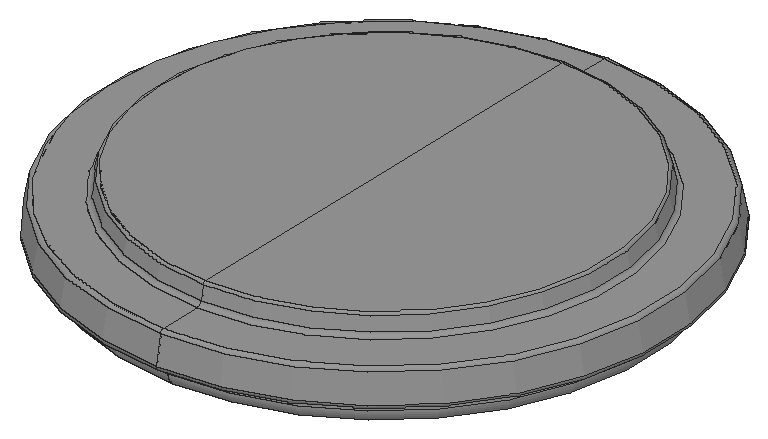
Revit family "FMK12_63_UN_Surface-mounted_ETK", category Lighting Fixtures, Revit 2017 (continued)
Definition of nested family "FMK.1 - Lightsource"
  Types (13, lengths in mm): name | Wattage Comments | Photometric Web File | built-in parameter 1150142 | Apparent Load
      3511\t396.567\t393.4076\t389.4614\t385.2324\t380.3628\r\n375.0971\t369.3074\t362.9584\t356.0822\t348.9057\t341.5547\t333.4658\t324.7233\t315.2043\t305.4599\r\n295.3979\t285.0138\t274.2949\t263.3441\t252.1436\t240.673\t229.1092\t216.7556\t203.6489\t190.6285\r\n177.6172\t164.6138\t151.9279\t138.069\t124.3573\t110.9691\t98.0454\t84.9215\t72.6465\t61.0698\r\n50.4112\t40.6936\t35.2704\t0\t0\t0\r\n405.3384\t404.7358\t403.6054\t401.6444\t399.3643\t396.5593\t393.314\t389.4309\t385.2102\t380.3495\r\n375.0755\t369.3024\t362.9627\t356.1346\t348.8119\t341.1533\t333.0509\t324.8191\t315.78\t306.215\r\n295.8199\t285.344\t274.4807\t263.3654\t252.0105\t240.3294\t228.4188\t216.2955\t204.1547\t190.9552\r\n177.6559\t164.3516\t151.1392\t138.0976\t124.9346\t111.112\t97.7813\t85.0908\t72.4995\t60.8236\r\n50.1998\t40.6227\t31.9768\t0\t0\t0\r\n405.3384\t404.7394\t403.6288\t401.6757\t399.3884\t396.5714\t393.3026\t389.3159\t385.1739\t380.3831\r\n375.0444\t369.2837\t362.956\t356.1295\t348.8706\t341.18\t332.9079\t324.3902\t315.4019\t306.3387\r\n296.4924\t286.1092\t274.9998\t263.7539\t252.2169\t240.3569\t228.2903\t215.9582\t203.4707\t190.8257\r\n178.1521\t164.6391\t151.0517\t137.6572\t124.4578\t111.6543\t98.0732\t84.9738\t72.5741\t60.6864\r\n50.0183\t40.4977\t31.9697\t4.8432\t0\t0\r\n405.3384\t404.7427\t403.6495\t401.7142\t399.4239\t396.6035\t393.3116\t389.2988\t385.0507\t380.3528\r\n375.0118\t369.216\t362.9424\t356.1024\t348.8405\t341.157\t332.9643\t324.4004\t315.2581\t305.8867\r\n296.1029\t285.938\t275.5954\t264.5683\t253.012\t240.8416\t228.6197\t216.12\t203.4137\t190.5511\r\n177.5394\t164.5113\t151.5042\t137.8415\t124.2858\t111.0124\t98.1587\t85.3964\t72.5721\t60.6586\r\n49.8431\t40.3398\t31.931\t24.5537\t0\t0\r\n405.3384\t404.7456\t403.6676\t401.9218\t399.4709\t396.6554\t393.3437\t389.317\t385.04\t380.243\r\n374.8993\t369.1788\t362.9127\t356.0814\t348.8285\t341.0552\t332.9667\t324.3861\t315.3329\t305.9127\r\n296.0531\t285.7481\t275.1336\t264.1996\t252.9355\t241.4903\t229.4495\t216.9446\t203.9312\t190.8555\r\n177.6361\t164.3347\t151.0106\t137.654\t124.597\t111.2218\t97.8665\t85.0744\t72.9905\t60.8587\r\n49.815\t40.1794\t31.9054\t24.5054\t0\t0\r\n405.3384\t404.7481\t403.6828\t401.9564\t399.6914\t396.7268\t393.4009\t389.3708\t385.0755\t380.2591\r\n374.9017\t369.0922\t362.8034\t355.9918\t348.805\t341.0277\t332.9542\t324.3714\t315.323\t305.9089\r\n296.0316\t285.7934\t275.1661\t264.1403\t252.8273\t241.0499\t229.0201\t216.7244\t204.2369\t191.596\r\n178.5079\t164.9396\t151.3939\t137.7973\t124.3337\t110.9506\t97.9162\t85.2011\t72.5165\t60.7879\r\n50.1751\t40.1846\t31.8501\t23.7681\t2.338\t0\r\n405.3384\t404.7502\t403.6952\t401.9835\t399.7343\t396.9809\t393.6545\t389.6213\t385.1579\t380.3298\r\n374.9735\t369.1608\t362.846\t356.0361\t348.7566\t340.9866\t332.8783\t324.3112\t315.2718\t305.9036\r\n296.0215\t285.8004\t275.1776\t264.1337\t252.8169\t241.0716\t228.9767\t216.6471\t204.0279\t191.1324\r\n178.1226\t164.8871\t151.6027\t138.2841\t125.113\t111.6596\t98.1698\t85.1028\t72.5249\t60.7088\r\n49.8427\t40.2477\t31.8931\t21.6048\t12.7168\t0\r\n405.3384\t404.7519\t403.7047\t402.0029\t399.7635\t397.03\t393.713\t389.7065\t385.4214\t380.5969\r\n375.2629\t369.475\t363.1447\t356.3663\t348.9144\t341.1566\t333.0078\t324.4526\t315.4033\t305.9527\r\n296.0665\t285.8226\t275.1844\t264.1482\t252.8009\t241.0835\t228.992\t216.6758\t204.0446\t191.1483\r\n178.0991\t164.8272\t151.446\t137.9974\t124.5467\t111.2577\t98.1105\t85.2503\t72.8411\t61.1518\r\n50.0901\t40.257\t31.8235\t18.932\t9.3489\t0\r\n405.3384\t404.7532\t403.7114\t402.0142\t399.7786\t397.0514\t393.739\t389.7475\t385.4637\t380.6413\r\n375.3272\t369.5568\t363.2361\t356.4824\t349.2137\t341.4886\t333.3185\t324.7975\t315.7614\t306.3155\r\n296.46\t286.2066\t275.5669\t264.5527\t253.1872\t241.5059\t229.4265\t217.1363\t204.5303\t191.6199\r\n178.5573\t165.3425\t151.9521\t138.4682\t125.0895\t111.6993\t98.5664\t85.5623\t73.0265\t61.1343\r\n50.1318\t40.4051\t31.9542\t21.7475\t6.5313\t5.115\r\n405.3384\t404.754\t403.7153\t402.0176\t399.7799\t397.0445\t393.7329\t389.7445\t385.4448\t380.6084\r\n375.2927\t369.5081\t363.1813\t356.4003\t348.9923\t341.2089\t333.0605\t324.4816\t315.4612\t305.9997\r\n296.1643\t285.8652\t275.2287\t264.2095\t252.8526\t241.1526\t229.101\t216.7417\t204.1781\t191.2242\r\n178.2221\t164.9153\t151.5534\t138.1498\t124.6539\t111.3162\t98.1603\t85.2342\t72.8561\t61.1128\r\n50.0588\t40.2091\t31.6937\t20.0166\t8.2012\t0\r\n405.3384\t404.7543\t403.7164\t402.013\t399.7671\t397.0096\t393.6945\t389.6977\t385.2046\t380.352\r\n375.0326\t369.2271\t362.9198\t356.1028\t348.9072\t341.0925\t332.98\t324.3798\t315.392\t305.9858\r\n296.2178\t285.8843\t275.26\t264.2624\t252.9154\t241.2093\t229.1994\t216.7906\t204.2527\t191.2919\r\n178.3227\t165.0516\t151.7425\t138.4595\t125.2028\t111.7417\t98.2552\t85.1615\t72.5973\t60.695\r\n49.8045\t40.1873\t31.7885\t21.7366\t11.2598\t0\r\n405.3384\t404.7542\t403.7146\t402.0006\t399.7406\t396.7678\t393.4611\t389.4878\t385.1447\t380.2959\r\n374.9894\t369.1909\t362.9156\t356.0932\t349.0203\t341.1855\t333.0998\t324.4896\t315.505\t306.0503\r\n296.2967\t285.9572\t275.331\t264.3672\t253.0197\t241.2839\t229.3045\t217.0032\t204.5011\t191.8693\r\n178.7706\t165.2052\t151.6675\t138.0714\t124.5282\t111.1465\t98.0318\t85.3325\t72.6503\t60.8256\r\n50.1888\t40.1684\t31.7403\t23.8387\t2.1341\t0\r\n405.3384\t404.7538\t403.7099\t401.9802\t399.5366\t396.7102\t393.425\t389.473\t385.1305\t380.2987\r\n375.0145\t369.3042\t363.0627\t356.2162\t349.106\t341.2551\t333.1682\t324.5601\t315.5632\t306.141\r\n296.3633\t286.0264\t275.4542\t264.555\t253.2624\t241.8449\t229.7806\t217.3072\t204.2808\t191.2288\r\n177.9866\t164.6878\t151.3619\t138.0114\t124.8764\t111.4955\t98.1121\t85.3017\t73.1816\t61.0006\r\n49.9354\t40.2492\t31.8581\t24.0616\t0\t0\r\n405.3384\t404.7529\t403.7024\t401.7855\t399.5057\t396.672\t393.4155\t389.4941\t385.1611\t380.4304\r\n375.1514\t369.3736\t363.1395\t356.2714\t349.1759\t341.3116\t333.2219\t324.6532\t315.5562\t306.2275\r\n296.4426\t286.3163\t276.0481\t265.0023\t253.4229\t241.2876\t229.0238\t216.5536\t203.8543\t191.005\r\n177.9846\t164.9422\t151.916\t138.291\t124.7136\t111.4068\t98.5597\t85.7613\t72.9154\t60.9832\r\n50.0561\t40.469\t32.0115\t24.4608\t0\t0\r\n405.3384\t404.7516\t403.6921\t401.7609\t399.4864\t396.6542\t393.4316\t389.5502\t385.2972\t380.4985\r\n375.2108\t369.4721\t363.1917\t356.3183\t349.193\t341.3957\t333.2365\t324.7362\t315.7989\t306.7788\r\n296.9084\t286.5675\t275.5271\t264.2722\t252.7027\t240.881\t228.7997\t216.5107\t204.0057\t191.4\r\n178.6746\t165.1736\t151.62\t138.2129\t125.0328\t112.2055\t98.6188\t85.54\t73.0956\t61.0986\r\n50.3019\t40.733\t32.2345\t4.8967\t0\t0\r\n405.3384\t404.75\t403.6788\t401.7433\t399.4783\t396.6572\t393.4722\t389.7044\t385.3553\t380.5675\r\n375.2574\t369.5435\t363.2413\t356.3845\t349.1744\t341.4877\t333.4438\t325.2596\t316.2784\t306.7217\r\n296.3214\t285.8791\t275.0611\t263.9604\t252.5538\t240.9175\t229.0191\t216.9459\t204.7661\t191.62\r\n178.311\t165.0395\t151.8279\t138.8308\t125.6546\t111.8365\t98.5513\t85.8398\t73.1455\t61.3695\r\n50.6583\t41.0273\t32.3467\t0\t0\t0\r\n405.3384\t404.7481\t403.4984\t401.7323\t399.4809\t396.6816\t393.6002\t389.7628\t385.3879\t380.6249\r\n375.3103\t369.6017\t363.2788\t356.4193\t349.3183\t342.0005\t333.9181\t325.234\t315.723\t306.0027\r\n295.9581\t285.6313\t274.9371\t264.0009\t252.7885\t241.3531\t229.8173\t217.4635\t204.4063\t191.4145\r\n178.427\t165.4423\t152.7479\t138.9494\t125.2565\t111.8804\t98.9846\t85.7966\t73.4077\t61.7586\r\n51.0678\t41.3029\t35.9314\t0\t0\t0\r\n405.3384\t404.7459\t403.4868\t401.7275\t399.4939\t396.8049\t393.6964\t389.8271\t385.4477\t380.6827\r\n375.3624\t369.5737\t363.2853\t356.625\t349.7894\t342.1135\t333.759\t324.599\t315.3556\t305.743\r\n295.8442\t285.6417\t275.1541\t264.3786\t253.3631\t242.055\t229.5599\t217.0052\t204.3824\t191.6906\r\n178.9998\t166.3228\t152.4157\t138.7896\t125.4113\t112.3666\t98.8823\t86.0884\t73.8385\t62.2076\r\n51.4507\t41.5049\t9.2672\t0\t0\t0\r\n405.3384\t404.7435\t403.478\t401.7288\t399.5168\t396.8915\t393.7354\t389.8846\t385.51\t380.7375\r\n375.3452\t369.6573\t363.4574\t357.1354\t349.7768\t341.6159\t333.1585\t324.3199\t315.1808\t305.7265\r\n295.9778\t285.8984\t275.6341\t265.1894\t253.7973\t241.5638\t229.4041\t217.1091\t204.7446\t192.3795\r\n179.7114\t165.8581\t152.3268\t139.0102\t125.9366\t112.2715\t99.1358\t86.5458\t74.2047\t62.612\r\n51.7507\t41.5902\t0\t0\t0\t0\r\n405.3384\t404.741\t403.4718\t401.7355\t399.6011\t396.9432\t393.7681\t389.932\t385.5756\t380.7897\r\n375.443\t369.7964\t363.9098\t357.1325\t349.266\t341.3026\t332.9179\t324.2017\t315.1981\t305.9037\r\n296.2962\t286.4176\t276.3927\t264.9598\t253.3075\t241.5117\t229.5688\t217.5503\t205.6807\t192.889\r\n179.2192\t165.8323\t152.6025\t139.6031\t125.8415\t112.4783\t99.6521\t86.8233\t74.5452\t62.9366\r\n51.9651\t45.2945\t0\t0\t0\t0\r\n405.3384\t404.7384\t403.468\t401.7035\t399.6374\t396.995\t393.7953\t389.976\t385.6432\t380.7904\r\n375.5949\t370.2269\t363.9316\t356.6257\t349.0084\t341.1154\t332.8331\t324.2647\t315.4008\t306.248\r\n296.8025\t287.1037\t276.0069\t264.7758\t253.2929\t241.7441\t230.0366\t218.4803\t205.6712\t192.4158\r\n179.2213\t166.1495\t153.2387\t139.4918\t125.9849\t112.9057\t99.9291\t87.1192\t74.8871\t63.2173\r\n52.1109\t27.9746\t0\t0\t0\t0\r\n405.3384\t404.7356\t403.4661\t401.721\t399.6762\t397.0462\t393.8176\t390.0145\t385.6532\t380.9042\r\n376.0431\t370.2884\t363.5098\t356.3413\t348.8597\t341.046\t332.9079\t324.5096\t315.7699\t306.7777\r\n297.4737\t286.6989\t275.8167\t264.7874\t253.5532\t242.2253\t231.0102\t218.411\t205.3993\t192.4497\r\n179.5316\t166.8\t153.159\t139.579\t126.3414\t113.3926\t100.1751\t87.4289\t75.1955\t63.4659\r\n52.2017\t0\t0\t0\t0\t0\r\n405.3384\t404.733\t403.4662\t401.7455\t399.7183\t397.0964\t393.8361\t390.0426\t385.7336\t381.0623\r\n376.1774\t370.1947\t363.2695\t356.1775\t348.8218\t341.077\t333.1051\t324.8433\t316.2831\t307.407\r\n297.0552\t286.507\t275.8559\t265.0142\t254.068\t243.1527\t230.9509\t218.1938\t205.4481\t192.7251\r\n180.2403\t166.8035\t153.224\t139.9046\t126.9133\t113.5219\t100.4126\t87.721\t75.5131\t63.7099\r\n57.0316\t0\t0\t0\t0\t0\r\n405.3384\t404.5716\t403.4386\t401.8549\t399.7644\t397.1477\t393.8153\t390.002\t385.8374\t381.4986\r\n376.1612\t369.7301\t363.0994\t356.1235\t348.8626\t341.2479\t333.4258\t325.2712\t316.9727\t307.0391\r\n296.8833\t286.5553\t276.0726\t265.4683\t254.9632\t243.4246\t230.701\t218.2156\t205.734\t193.2729\r\n180.506\t166.8251\t153.4668\t140.3769\t127.1788\t113.733\t100.6865\t88.0472\t75.8087\t63.919\r\n43.4528\t0\t0\t0\t0\t0\r\n405.3384\t404.5695\t403.4417\t401.8908\t399.8151\t397.1871\t393.8464\t390.0614\t385.9622\t381.6097\r\n376.0288\t369.5594\t362.993\t356.1449\t348.9704\t341.541\t333.8527\t326.0241\t316.6929\t306.8713\r\n296.8954\t286.7633\t276.4678\t266.0998\t255.327\t242.9729\t230.7031\t218.4384\t206.1859\t193.9199\r\n180.3346\t166.9807\t153.8693\t140.944\t127.3398\t114.0243\t101.0379\t88.3884\t76.1048\t64.1488\r\n6.9749\t0\t0\t0\t0\t0\r\n405.3384\t404.5686\t403.4473\t401.9294\t399.8708\t397.2314\t393.888\t390.1481\t386.3292\t381.6146\r\n375.6081\t369.4572\t362.9708\t356.227\t349.1889\t341.9177\t334.6149\t326.1454\t316.446\t306.8487\r\n297.0678\t287.1294\t277.0477\t266.8305\t254.9174\t242.9076\t230.8971\t218.8564\t206.9584\t193.7008\r\n180.4704\t167.3299\t154.3451\t141.0443\t127.5319\t114.3124\t101.4067\t88.7971\t76.469\t71.0786\r\n0\t0\t0\t0\t0\t0\r\n405.3384\t404.569\t403.4551\t401.9709\t399.9722\t397.2767\t393.8644\t390.2693\t386.4315\t381.5224\r\n375.4757\t369.3969\t363.0172\t356.385\t349.5164\t342.3709\t334.9069\t325.7199\t316.401\t306.979\r\n297.3492\t287.6224\t277.9395\t266.5253\t254.8042\t243.0641\t231.2325\t219.4481\t206.9163\t193.7663\r\n180.6898\t167.7888\t154.9305\t141.1807\t127.788\t114.6467\t101.7684\t89.1631\t76.8256\t62.9035\r\n0\t0\t0\t0\t0\t0\r\n405.3384\t404.5705\t403.4652\t402.0157\t400.0296\t397.3244\t393.9524\t390.3898\t386.4749\t381.113\r\n375.39\t369.382\t363.1266\t356.6158\t349.8921\t343.0771\t334.5968\t325.6122\t316.4672\t307.1637\r\n297.7815\t288.4949\t278.1045\t266.4097\t254.8889\t243.3295\t231.7654\t220.041\t206.912\t193.9248\r\n181.0884\t168.4498\t154.9864\t141.4211\t128.0925\t114.9955\t102.1644\t89.5728\t77.2034\t43.5306\r\n0\t0\t0\t0\t0\t0\r\n405.3384\t404.5732\t403.4775\t402.0644\t400.0795\t397.3766\t394.0366\t390.7644\t386.4775\t380.975\r\n375.3478\t369.4303\t363.2985\t356.906\t350.3047\t343.2698\t334.4485\t325.6355\t316.6363\t307.5138\r\n298.2746\t288.9228\t277.7118\t266.4225\t255.1174\t243.7588\t232.5514\t219.9024\t207.0118\t194.237\r\n181.5343\t168.8621\t155.1371\t141.6853\t128.4567\t115.4149\t102.6013\t89.9956\t77.5994\t6.1612\r\n0\t0\t0\t0\t0\t0\r\n405.3384\t404.605\t403.4921\t402.1706\t400.1256\t397.4349\t394.1374\t390.8498\t386.4029\t380.8564\r\n375.3437\t369.5284\t363.5073\t357.2499\t350.9824\t342.9428\t334.3995\t325.7395\t316.8926\t307.9367\r\n299.1107\t288.6921\t277.6635\t266.5801\t255.4385\t244.3047\t232.8477\t219.9489\t207.2573\t194.6292\r\n182.2468\t168.8709\t155.3197\t141.9922\t128.8173\t115.8454\t103.0693\t90.4482\t83.823\t0\r\n0\t0\t0\t0\t0\t0\r\n405.3384\t404.6092\t403.5089\t402.2202\t400.1649\t397.5054\t394.2569\t390.9141\t386.0396\t380.7981\r\n375.3806\t369.6687\t363.7508\t357.6622\t351.1724\t342.8014\t334.443\t325.8965\t317.2661\t308.4567\r\n299.4568\t288.5546\t277.7444\t266.8384\t255.8901\t245.0273\t232.652\t220.0806\t207.5676\t195.1229\r\n182.656\t169.0149\t155.5887\t142.3178\t129.2005\t116.2829\t103.5207\t90.9268\t73.3602\t0\r\n0\t0\t0\t0\t0\t0\r\n405.3384\t404.614\t403.5281\t402.2649\t400.1971\t397.5179\t394.3957\t390.9455\t385.9448\t380.7925\r\n375.4413\t369.8494\t364.0508\t358.3505\t351.161\t342.7657\t334.5401\t326.1385\t317.6475\t309.3183\r\n299.1891\t288.5712\t277.89\t267.2003\t256.4247\t245.3251\t232.6711\t220.2807\t207.9213\t195.8312\r\n182.7021\t169.2073\t155.8647\t142.6715\t129.6369\t116.7502\t103.9952\t91.3868\t55.3711\t0\r\n0\t0\t0\t0\t0\t0\r\n405.3384\t404.6195\t403.5495\t402.3045\t400.1849\t397.5978\t394.5611\t390.9396\t385.8781\t380.8033\r\n375.5216\t370.0613\t364.3857\t358.5968\t350.8049\t342.7895\t334.6808\t326.4772\t318.1163\t309.6303\r\n299.1657\t288.6692\t278.1592\t267.6065\t257.2226\t245.1417\t232.8538\t220.5787\t208.3699\t196.2276\r\n182.7779\t169.4445\t156.1917\t143.0507\t130.0526\t117.1893\t104.4737\t91.888\t14.9821\t0\r\n0\t0\t0\t0\t0\t0\r\n405.3384\t404.6254\t403.6469\t402.3383\t400.2215\t397.6657\t394.9951\t390.922\t385.84\t380.8256\r\n375.6462\t370.3021\t364.75\t358.7051\t350.7659\t342.8768\t334.8803\t326.8245\t318.9273\t309.6814\r\n299.1757\t288.8703\t278.4899\t268.1142\t257.5065\t245.2123\t233.0786\t220.9546\t208.9027\t196.5301\r\n182.9565\t169.6559\t156.4872\t143.4595\t130.5097\t117.6817\t104.9699\t100.108\t0.6502\t0\r\n0\t0\t0\t0\t0\t0\r\n405.3384\t404.6318\t403.6785\t402.3663\t400.2653\t397.732\t395.2235\t390.6501\t385.8302\t380.8791\r\n375.8045\t370.5591\t365.4\t358.3926\t350.7621\t343.0161\t335.1646\t327.2095\t319.3184\t309.3844\r\n299.2447\t289.0934\t278.9038\t268.8799\t257.3545\t245.3439\t233.3422\t221.3813\t209.5947\t196.4708\r\n183.1827\t169.9774\t156.8633\t143.857\t130.9408\t118.1517\t105.4613\t92.7841\t0\t0\r\n0\t0\t0\t0\t0\t0\r\n405.3384\t404.6385\t403.7052\t402.3881\t400.3166\t397.7952\t395.3429\t390.6457\t385.8372\t380.9677\r\n375.9682\t370.8385\t365.6602\t358.3552\t350.8047\t343.1988\t335.4588\t327.6657\t319.4853\t309.4034\r\n299.4263\t289.3714\t279.3274\t269.2917\t257.4272\t245.5406\t233.6779\t221.8454\t209.9683\t196.6268\r\n183.419\t170.2891\t157.2574\t144.3065\t131.442\t118.6656\t105.9935\t80.5222\t0\t0\r\n0\t0\t0\t0\t0\t0\r\n405.3384\t404.6457\t403.7326\t402.3665\t400.4161\t397.857\t395.396\t390.6723\t385.8834\t381.0767\r\n376.1402\t371.1325\t365.8072\t358.3418\t350.9131\t343.3865\t335.8213\t328.3888\t319.2622\t309.4538\r\n299.6286\t289.7446\t279.8181\t269.489\t257.5447\t245.7949\t234.0481\t222.3431\t210.2072\t196.8266\r\n183.6843\t170.6331\t157.653\t144.7457\t131.9283\t119.1863\t106.5168\t64.2232\t0\t0\r\n0\t0\t0\t0\t0\t0\r\n405.3384\t404.653\t403.7604\t402.3925\t400.4719\t397.9008\t395.3299\t390.7762\t385.9545\t381.2013\r\n376.3717\t371.4185\t365.8707\t358.3762\t351.0464\t343.6475\t336.1597\t328.7689\t319.2512\t309.5955\r\n299.8696\t290.1313\t280.5664\t269.3554\t257.7081\t246.0696\t234.4691\t223.0433\t210.1501\t197.0336\r\n183.9883\t170.9859\t158.0592\t145.1996\t132.404\t119.6892\t118.4422\t23.1728\t0\t0\r\n0\t0\t0\t0\t0\t0\r\n405.3384\t404.6607\t403.7887\t402.4189\t400.5194\t397.9841\t395.3017\t390.8021\t386.0595\t381.3509\r\n376.609\t372.0059\t365.5606\t358.4337\t351.2047\t343.9111\t336.5735\t328.9592\t319.3349\t309.7464\r\n300.1592\t290.5524\t280.9613\t269.4605\t257.9307\t246.4161\t234.914\t223.4171\t210.3211\t197.2897\r\n184.2922\t171.347\t158.483\t145.6681\t132.9075\t120.2165\t117.0674\t9.6552\t0\t0\r\n0\t0\t0\t0\t0\t0\r\n405.3384\t404.6686\t403.8173\t402.4487\t400.4786\t398.0829\t395.2688\t390.7871\t386.236\t381.5158\r\n376.8425\t372.2831\t365.5322\t358.5043\t351.3888\t344.1966\t336.967\t329.1152\t319.3903\t309.9762\r\n300.4823\t290.9786\t281.208\t269.6236\t258.201\t246.7695\t235.373\t223.7185\t210.5437\t197.5625\r\n184.62\t171.7433\t158.9199\t146.1384\t133.4045\t120.7201\t112.4944\t0\t0\t0\r\n0\t0\t0\t0\t0\t0\r\n405.3384\t404.6766\t403.8462\t402.4819\t400.4915\t398.4796\t395.2303\t390.7186\t386.3508\t381.7085\r\n377.0908\t372.472\t365.5842\t358.5935\t351.5911\t344.5067\t337.626\t328.8535\t319.5738\t310.1918\r\n300.8214\t291.4589\t281.3564\t269.774\t258.4546\t247.1517\t236.0692\t223.714\t210.7672\t197.8524\r\n184.9795\t172.1582\t159.3682\t146.6102\t133.9159\t121.2568\t105.4062\t0\t0\t0\r\n0\t0\t0\t0\t0\t0\r\n405.3384\t404.6848\t403.8753\t402.5301\t400.5307\t398.583\t395.2103\t390.7119\t386.3893\t381.9396\r\n377.3461\t372.6104\t365.6471\t358.7464\t351.8034\t344.8396\t337.9433\t328.9321\t319.7183\t310.4987\r\n301.2264\t292.1181\t281.2334\t270.0005\t258.7428\t247.5101\t236.4684\t223.8595\t211.0006\t198.1587\r\n185.3479\t172.5544\t159.8035\t147.094\t134.4184\t121.7849\t96.4328\t0\t0\t0\r\n0\t0\t0\t0\t0\t0\r\n405.3384\t404.6931\t403.9067\t402.5674\t400.5765\t398.6722\t394.9664\t390.7235\t386.4539\t382.113\r\n377.6242\t372.7081\t365.7225\t358.9132\t352.048\t345.1659\t338.1961\t329.0359\t319.9072\t310.7682\r\n301.6096\t29
      2.5131\t281.4098\t270.2271\t259.073\t247.9351\t236.8476\t224.0483\t211.2287\t198.4476\r\n185.6936\t172.9579\t160.2642\t147.5784\t134.9349\t122.3252\t86.1454\t0\t0\t0\r\n0\t0\t0\t0\t0\t0\r\n405.3384\t404.7013\t403.9355\t402.6047\t400.6279\t398.7442\t394.9797\t390.7624\t386.5296\t382.2487\r\n377.8767\t372.7829\t365.8114\t359.0821\t352.3163\t345.4969\t338.3782\t329.1822\t320.1148\t311.0453\r\n301.9788\t292.7783\t281.6012\t270.5091\t259.4318\t248.3563\t237.1582\t224.2779\t211.525\t198.7849\r\n186.0555\t173.3757\t160.7092\t148.07\t135.4623\t122.8612\t75.0755\t0\t0\t0\r\n0\t0\t0\t0\t0\t0\r\n405.3384\t404.7096\t403.9642\t402.6417\t400.696\t398.8169\t394.9997\t390.8276\t386.6209\t382.4\r\n378.4045\t372.5543\t365.9079\t359.2494\t352.5682\t345.8699\t338.5647\t329.3189\t320.3594\t311.3938\r\n302.3891\t292.9835\t281.7699\t270.7837\t259.7753\t248.7659\t237.4402\t224.5309\t211.8182\t199.1223\r\n186.4527\t173.7952\t161.1646\t148.546\t135.9422\t136.5574\t36.2712\t0\t0\t0\r\n0\t0\t0\t0\t0\t0\r\n405.3384\t404.7178\t403.9929\t402.6782\t400.7519\t398.8854\t395.026\t390.892\t386.7324\t382.5558\r\n378.6203\t372.6325\t366.0305\t359.4259\t352.8102\t346.4602\t338.6937\t329.5211\t320.6143\t311.6861\r\n302.7765\t293.2351\t282.0305\t271.0823\t260.1226\t249.1874\t237.6911\t224.7942\t212.1326\t199.4867\r\n186.8497\t174.2259\t161.627\t149.0287\t136.4442\t136.3962\t26.9716\t0\t0\t0\r\n0\t0\t0\t0\t0\t0\r\n405.3384\t404.6914\t404.0217\t402.7091\t400.8043\t398.9593\t395.0594\t390.9615\t386.8432\t382.7092\r\n378.801\t372.7103\t366.1644\t359.6071\t353.0451\t346.7466\t338.5155\t329.6953\t320.856\t312.0088\r\n303.4086\t293.141\t282.2549\t271.3663\t260.4867\t249.8243\t237.7137\t225.078\t212.4489\t199.8329\r\n187.2298\t174.6407\t162.0656\t149.4977\t136.955\t135.4145\t19.5256\t0\t0\t0\r\n0\t0\t0\t0\t0\t0\r\n405.3384\t404.7005\t404.0507\t402.746\t400.8525\t399.0149\t395.1063\t391.0352\t386.9537\t382.8571\r\n378.9473\t372.7817\t366.3088\t359.7982\t353.2745\t346.9636\t338.607\t329.856\t321.0835\t312.3124\r\n303.7495\t293.3407\t282.511\t271.6734\t260.8498\t250.2149\t237.9693\t225.3524\t212.7549\t200.1806\r\n187.6084\t175.0519\t162.4906\t149.9475\t137.4166\t133.8797\t13.6311\t0\t0\t0\r\n0\t0\t0\t0\t0\t0\r\n405.3384\t404.7108\t404.0796\t402.7843\t400.8877\t399.06\t395.1456\t391.1188\t387.0668\t382.9967\r\n379.0731\t372.8602\t366.4344\t359.992\t353.5293\t347.231\t338.7751\t330.037\t321.3186\t312.5878\r\n304.0399\t293.5366\t282.7541\t271.985\t261.2033\t250.5727\t238.235\t225.6682\t213.1063\t200.5484\r\n187.9915\t175.44\t162.9051\t150.3796\t137.8499\t132.1112\t9.049\t0\t0\t0\r\n0\t0\t0\t0\t0\t0\r\n405.3384\t404.7219\t404.1089\t402.8238\t400.9307\t399.0883\t395.1801\t391.1927\t387.1857\t383.169\r\n379.2169\t372.9472\t366.5494\t360.1591\t353.7665\t347.4796\t338.9588\t330.2784\t321.6039\t312.9326\r\n304.37\t293.7905\t283.028\t272.2877\t261.5559\t250.9361\t238.5243\t225.9828\t213.451\t200.9164\r\n188.3884\t175.864\t163.3455\t150.8322\t138.3259\t130.4379\t5.5781\t0\t0\t0\r\n0\t0\t0\t0\t0\t0\r\n405.3384\t404.7342\t404.1351\t402.865\t400.9737\t399.12\t395.2037\t391.2563\t387.2891\t383.3216\r\n379.3873\t373.0758\t366.7069\t360.3353\t353.9603\t347.6673\t339.1189\t330.4846\t321.8502\t313.2065\r\n304.6365\t294.0074\t283.3053\t272.5923\t261.8888\t251.2466\t238.8042\t226.288\t213.7758\t201.2543\r\n188.7472\t176.2444\t163.7419\t151.2436\t138.7407\t128.9732\t3.0455\t0\t0\t0\r\n0\t0\t0\t0\t0\t0\r\n405.3384\t404.7473\t404.1652\t402.9077\t401.0164\t399.1498\t395.2384\t391.3183\t387.3793\t383.4461\r\n379.5207\t373.2102\t366.8716\t360.5312\t354.1897\t347.8811\t339.3172\t330.7163\t322.1136\t313.5188\r\n304.9383\t294.2817\t283.5867\t272.897\t262.2085\t251.5646\t239.0978\t226.5986\t214.1015\t201.6074\r\n189.1137\t176.6257\t164.1331\t151.6523\t139.1633\t127.9276\t1.3255\t0\t0\t0\r\n0\t0\t0\t0\t0\t0\r\n405.3384\t404.7615\t404.1956\t402.9517\t401.0448\t399.145\t395.2486\t391.3511\t387.4664\t383.5602\r\n379.6494\t373.3451\t367.0309\t360.7181\t354.3931\t348.0876\t339.524\t330.9519\t322.3792\t313.8076\r\n305.2448\t294.5755\t283.8944\t273.2262\t262.5489\t251.8832\t239.4077\t226.9344\t214.4518\t201.9798\r\n189.4978\t177.0255\t164.5446\t152.064\t139.5954\t127.4356\t0.3276\t0\t0\t0\r\n0\t0\t0\t0\t0\t0" | 12 VA
